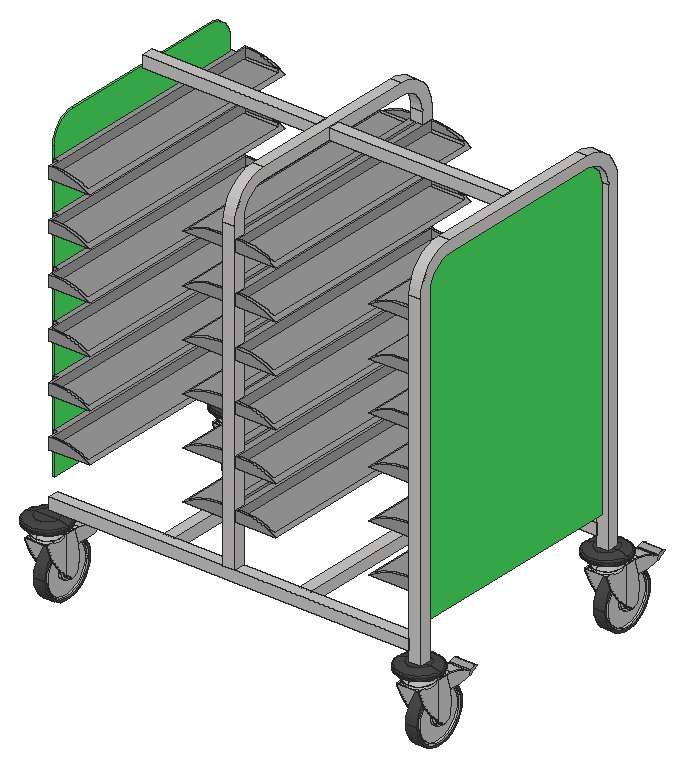
Revit family "QF_BOURGEAT_chariot_cafeteria_12plateaux_modele_bas_couleur", category Equipement spécialisé, Revit 2015
Parameters (values of type "chariot_modele_bas_glissieres_beiges_avec_panneaux_verts")
  panneaux_verts = yes
  panneaux_rouges = no
  panneaux_bleus = no
  URL catalogue = "http://www.bourgeat.fr"
  URL = ""
  Type article = ""
  Spécification du Fabricant = "CHARIOT CAFETERIA"
  Profondeur hors tout = 618 mm
  Poids net à vide = 23.50 kg
  Modèle = "782626"
  Longueur hors tout = 923 mm
  Hauteur hors tout = 994 mm
  Fabricant = "BOURGEAT"
  Contact SAV = "0033(0)4.76.32.14.44"
  Charge max = 60.00 kg
Types (5, lengths in mm): name | panneaux_verts | panneaux_rouges | panneaux_bleus | Poids net à vide | Modèle
  (no name) | yes | no | no | 23.50 kg | "782626"
  chariot_modele_bas_glissieres_beiges_sans_panneaux | no | no | no | 17.00 kg | "782426"
  chariot_modele_bas_glissieres_beiges_avec_panneaux_bleus | no | no | yes | 23.50 kg | "782526"
  chariot_modele_bas_glissieres_beiges_avec_panneaux_rouges | no | yes | no | 23.50 kg | "782726"
  chariot_modele_bas_glissieres_beiges_avec_panneaux_verts | yes | no | no | 23.50 kg | "782626"
Reference planes
  plane 1 "Centre (avant/arrière)": y = 0
  plane 2: z = 0
  plane 3 "Centre (gauche/droite)": x = 0
  plane 4: x = 426.5
  plane 5: x = -426.5
  plane 6: z = 227.8
  plane 7: z = 182
  plane 8: z = 202.8
  plane 9: x = -164.5
  plane 10: x = 164.5
  plane 11: y = 12.5
  plane 12: y = -12.5
  plane 13: z = 867.34
  plane 14: z = 759.34
  plane 15: z = 651.34
  plane 16: z = 543.34
  plane 17: z = 435.34
  plane 18: z = 327.34
  plane 19: x = -207
  plane 20: x = 207
  plane 21: x = -401.5
  plane 22: x = -12.5
  plane 23: x = 401.5
  plane 24: x = 12.5
  plane 25: z = 964.5
Forms (mm)
  Extrusion 1, solid, material "Acier inoxydable, brossé"
    sketch origin (0, 0, 0) x (0, 1, 0) y (0, 0, 1)
      loop
        line (-274, 228) -> (-274, 202.8) -> (-249, 202.8) -> (-249, 228) -> (-274, 228)
      loop
        line (249, 202.8) -> (274, 202.8) -> (274, 228) -> (249, 228) -> (249, 202.8)
    from -401.5 to 401.5
  Extrusion 2, solid, material "Acier inoxydable, brossé"
    sketch origin (0, 0, 0) x (1, 0, 0) y (0, 0, 1)
      loop
        line (-164.5, 227.8) -> (-164.5, 202.8) -> (-139.5, 202.8) -> (-139.5, 227.8) -> (-164.5, 227.8)
      loop
        line (164.5, 227.8) -> (139.5, 227.8) -> (139.5, 202.8) -> (164.5, 202.8) -> (164.5, 227.8)
    from -249 to 250
  Extrusion 3, solid, material "Acier inoxydable, brossé"
    sketch origin (0, 0, 0) x (1, 0, 0) y (0, 0, 1)
      loop
        line (-401.5, 995) -> (-401.5, 970) -> (-12.5, 970) -> (-12.5, 995) -> (-401.5, 995)
      loop
        line (401.5, 995) -> (12.5, 995) -> (12.5, 970) -> (401.5, 970) -> (401.5, 995)
    from -12.5 to 12.5
Dimensions and locks
  locked: plane 5 to plane 4 at 853
  plane 6 to plane 8 = 25 mm
  nested 2 to level = 995 mm
  equal spacing: group 1, group 2, group 3, group 4, group 5, group 6  (x2)
  equal spacing: group 6, group 5, group 4, group 3, group 2, group 1
  aligned and locked: level to plane 2
  aligned and locked: plane 5 to nested 1
  aligned and locked: nested 2 to plane 1 "Centre (avant/arrière)"
  aligned and locked: nested 1 to plane 1 "Centre (avant/arrière)"
  aligned and locked: nested 2 to nested 6
  aligned and locked: nested 6 to nested 2
  aligned and locked: plane 4 to nested 2
  aligned and locked: nested 1 to plane 5
  aligned and locked: nested 4 to nested 1  (x2)
  aligned and locked: nested 3 to nested 1
  aligned and locked: nested 5 to nested 2  (x2)
  aligned and locked: plane 3 "Centre (gauche/droite)" to nested 7
  aligned and locked: nested 7 to plane 1 "Centre (avant/arrière)"
  aligned and locked: Extrusion 1 sketch curve to nested 7  (x4)
  aligned and locked: plane 8 to Extrusion 1 sketch curve
  aligned and locked: Extrusion 1 sketch curve to nested 1
  aligned and locked: Extrusion 1 sketch curve to plane 8
  aligned and locked: nested 1 to Extrusion 1 sketch curve
  aligned and locked: Extrusion 1 to nested 2
  aligned and locked: Extrusion 1 to nested 1
  aligned and locked: plane 9 to Extrusion 2 sketch curve  (x2)
  aligned and locked: Extrusion 2 sketch curve to plane 6
  aligned and locked: plane 8 to Extrusion 2 sketch curve  (x3)
  aligned and locked: plane 10 to Extrusion 2 sketch curve  (x3)
  aligned and locked: plane 6 to Extrusion 2 sketch curve
  aligned and locked: Extrusion 2 sketch curve to plane 8
  aligned and locked: Extrusion 2 to Extrusion 1
  aligned and locked: Extrusion 3 sketch curve to nested 1
  aligned and locked: nested 1 to Extrusion 3 sketch curve
  aligned and locked: Extrusion 3 sketch curve to nested 7  (x3)
  aligned and locked: nested 2 to Extrusion 3 sketch curve
  aligned and locked: Extrusion 3 sketch curve to nested 2
  aligned and locked: nested 7 to Extrusion 3 sketch curve
  aligned and locked: plane 11 to Extrusion 3
  aligned and locked: plane 12 to Extrusion 3
  aligned and locked: nested 1 to plane 21
  aligned and locked: nested 10 to plane 1 "Centre (avant/arrière)"
  aligned and locked: nested 8 to plane 1 "Centre (avant/arrière)"
  aligned and locked: nested 12 to plane 1 "Centre (avant/arrière)"
  aligned and locked: nested 11 to plane 1 "Centre (avant/arrière)"
  aligned and locked: nested 9 to plane 1 "Centre (avant/arrière)"
  aligned and locked: nested 13 to plane 1 "Centre (avant/arrière)"
  aligned and locked: plane 25 to nested 8
  aligned and locked: plane 25 to nested 12
  aligned and locked: plane 25 to nested 11
  aligned and locked: plane 25 to nested 9
  aligned and locked: plane 25 to nested 13
  aligned and locked: plane 13 to nested 14
  aligned and locked: nested 15 to nested 14
  aligned and locked: nested 16 to nested 14
  aligned and locked: nested 17 to nested 14
  aligned and locked: nested 14 to nested 17
  aligned and locked: nested 18 to nested 14
  aligned and locked: nested 19 to nested 14
  aligned and locked: plane 21 to nested 14
  aligned and locked: nested 21 to nested 20
  aligned and locked: nested 22 to nested 20
  aligned and locked: nested 23 to nested 20
  aligned and locked: nested 20 to nested 23
  aligned and locked: nested 24 to nested 20
  aligned and locked: nested 25 to nested 20
  aligned and locked: nested 27 to nested 26
  aligned and locked: nested 28 to nested 26
  aligned and locked: nested 29 to nested 26
  aligned and locked: nested 26 to nested 29
  aligned and locked: nested 30 to nested 26
  aligned and locked: nested 31 to nested 26
  aligned and locked: nested 33 to nested 32
  aligned and locked: nested 34 to nested 32
  aligned and locked: nested 35 to nested 32
  aligned and locked: nested 32 to nested 35
  aligned and locked: nested 36 to nested 32
  aligned and locked: nested 37 to nested 32
  aligned and locked: nested 10 to nested 14
  aligned and locked: nested 11 to nested 26
  aligned and locked: nested 8 to nested 10
  aligned and locked: nested 12 to nested 10
  aligned and locked: nested 9 to nested 11
  aligned and locked: nested 13 to nested 11
Nested families
  nested 1: "montant_U" at (-414, 0, 182) x (0, 1, 0) z (0, 0, 1), type "montant_U", not visible
  nested 2: "montant_U" at (414, 0, 182) x (0, 1, 0) z (0, 0, 1), type "montant_U"
  nested 3: "ROULETTE_H182" at (-414, 261.5, 0), type "ROULETTE_H182"
    with Sans frein yes, Avec frein yes
  nested 4: "ROULETTE_H182" at (-414, -261.5, 0), type "ROULETTE_H182"
    with Sans frein yes, Avec frein yes
  nested 5: "ROULETTE_H182" at (414, -261.5, 0), type "ROULETTE_H182"
    with Sans frein yes, Avec frein yes
  nested 6: "ROULETTE_H182" at (414, 261.5, 0), type "ROULETTE_H182"
    with Sans frein yes, Avec frein yes
  nested 7: "montant_U_central" at (0, 0, 228) x (0, 1, 0) z (0, 0, 1), type "montant_U_central"
  nested 8: "panneaux_lateraux_rouge" at (-415.5, 0, 252.5) x (0, 1, 0) z (0, 0, 1), visible <- "panneaux_rouges", type "panneaux_lateraux_rouge"
  nested 9: "panneaux_lateraux_rouge" at (411.5, 0, 252.5) x (0, 1, 0) z (0, 0, 1), visible <- "panneaux_rouges", type "panneaux_lateraux_rouge"
  nested 10: "panneaux_lateraux_bleus" at (-415.5, 0, 252.5) x (0, 1, 0) z (0, 0, 1), visible <- "panneaux_bleus", type "panneaux_lateraux_bleus"
  nested 11: "panneaux_lateraux_bleus" at (411.5, 0, 252.5) x (0, 1, 0) z (0, 0, 1), visible <- "panneaux_bleus", type "panneaux_lateraux_bleus"
  nested 12: "panneaux_lateraux_vert" at (-415.5, 0, 252.5) x (0, 1, 0) z (0, 0, 1), visible <- "panneaux_verts", type "panneaux_lateraux_vert"
  nested 13: "panneaux_lateraux_vert" at (411.5, 0, 252.5) x (0, 1, 0) z (0, 0, 1), visible <- "panneaux_verts", type "panneaux_lateraux_vert"
  nested 14: "glissiere_polypropylene_beige" at (-411.5, 0, 862.34), type "glissiere_polypropylene_beige"
  nested 15: "glissiere_polypropylene_beige" at (-411.5, 0, 754.34), type "glissiere_polypropylene_beige"
  nested 16: "glissiere_polypropylene_beige" at (-411.5, 0, 646.34), type "glissiere_polypropylene_beige"
  nested 17: "glissiere_polypropylene_beige" at (-411.5, 0, 538.34), type "glissiere_polypropylene_beige"
  nested 18: "glissiere_polypropylene_beige" at (-411.5, 0, 430.34), type "glissiere_polypropylene_beige"
  nested 19: "glissiere_polypropylene_beige" at (-411.5, 0, 322.34), type "glissiere_polypropylene_beige"
  nested 20: "glissiere_polypropylene_beige" at (-2.5, 0, 862.34) x (-1, 0, 0) z (0, 0, 1), type "glissiere_polypropylene_beige"
  nested 21: "glissiere_polypropylene_beige" at (-2.5, 0, 754.34) x (-1, 0, 0) z (0, 0, 1), type "glissiere_polypropylene_beige"
  nested 22: "glissiere_polypropylene_beige" at (-2.5, 0, 646.34) x (-1, 0, 0) z (0, 0, 1), type "glissiere_polypropylene_beige"
  nested 23: "glissiere_polypropylene_beige" at (-2.5, 0, 538.34) x (-1, 0, 0) z (0, 0, 1), type "glissiere_polypropylene_beige"
  nested 24: "glissiere_polypropylene_beige" at (-2.5, 0, 430.34) x (-1, 0, 0) z (0, 0, 1), type "glissiere_polypropylene_beige"
  nested 25: "glissiere_polypropylene_beige" at (-2.5, 0, 322.34) x (-1, 0, 0) z (0, 0, 1), type "glissiere_polypropylene_beige"
  nested 26: "glissiere_polypropylene_beige" at (411.5, 0, 862.34) x (-1, 0, 0) z (0, 0, 1), type "glissiere_polypropylene_beige"
  nested 27: "glissiere_polypropylene_beige" at (411.5, 0, 754.34) x (-1, 0, 0) z (0, 0, 1), type "glissiere_polypropylene_beige"
  nested 28: "glissiere_polypropylene_beige" at (411.5, 0, 646.34) x (-1, 0, 0) z (0, 0, 1), type "glissiere_polypropylene_beige"
  nested 29: "glissiere_polypropylene_beige" at (411.5, 0, 538.34) x (-1, 0, 0) z (0, 0, 1), type "glissiere_polypropylene_beige"
  nested 30: "glissiere_polypropylene_beige" at (411.5, 0, 430.34) x (-1, 0, 0) z (0, 0, 1), type "glissiere_polypropylene_beige"
  nested 31: "glissiere_polypropylene_beige" at (411.5, 0, 322.34) x (-1, 0, 0) z (0, 0, 1), type "glissiere_polypropylene_beige"
  nested 32: "glissiere_polypropylene_beige" at (2.5, 0, 862.34), type "glissiere_polypropylene_beige"
  nested 33: "glissiere_polypropylene_beige" at (2.5, 0, 754.34), type "glissiere_polypropylene_beige"
  nested 34: "glissiere_polypropylene_beige" at (2.5, 0, 646.34), type "glissiere_polypropylene_beige"
  nested 35: "glissiere_polypropylene_beige" at (2.5, 0, 538.34), type "glissiere_polypropylene_beige"
  nested 36: "glissiere_polypropylene_beige" at (2.5, 0, 430.34), type "glissiere_polypropylene_beige"
  nested 37: "glissiere_polypropylene_beige" at (2.5, 0, 322.34), type "glissiere_polypropylene_beige"
Definition of nested family "montant_U"
  Reference planes
    plane 1 "Centre (avant/arrière)": y = 0
    plane 2: z = 0
    plane 3 "Centre (gauche/droite)": x = 0
    plane 4: x = -261.5
    plane 5: x = 261.5
    plane 6: z = 800.5
  Forms (mm)
    Sweep 1, solid
      path origin (0, 0, 0) x (1, 0, 0) y (0, 0, 1)
        loop
          line (-261.5, 0) -> (-261.5, 730.5)
          arc (-261.5, 730.5) -> (-240.997, 779.997) -> (-191.5, 800.5) r 70
          line (-191.5, 800.5) -> (191.5, 800.5)
          arc (191.5, 800.5) -> (240.997, 779.997) -> (261.5, 730.5) r 70
          line (261.5, 730.5) -> (261.5, 0)
      profile origin (-261.5, 0, 365.25) x (-1, 0, 0) y (0, -1, 0)
        loop
          line (-12.5, -12.5) -> (12.5, -12.5) -> (12.5, 12.5) -> (-12.5, 12.5) -> (-12.5, -12.5)
  Dimensions and locks
    equal spacing: plane 4, plane 3 "Centre (gauche/droite)", plane 5
    plane 6 to plane 2 = 800.5 mm
    aligned and locked: level to plane 2
    aligned and locked: Sweep 1 sketch curve to plane 4
    aligned and locked: Sweep 1 sketch curve to plane 6
    aligned and locked: Sweep 1 sketch curve to plane 5
  Automatic sketch dimensions
    Sweep 1 sketch curve to level = 0 mm  (x2)
    Sweep 1 sketch curve to plane 4 = 70 mm
    Sweep 1 sketch curve to Sweep 1 sketch curve = 70 mm
    Sweep 1 sketch curve to plane 1 "Centre (avant/arrière)" = 12.5 mm
    plane 1 "Centre (avant/arrière)" to Sweep 1 sketch curve = 12.5 mm
    profile plane to Sweep 1 sketch curve = 12.5 mm
    Sweep 1 sketch curve to profile plane = 12.5 mm
Definition of nested family "ROULETTE_H182"
  Parameters (values of type "ROULETTE_H182")
    Sans frein [instance] = yes
    Avec frein [instance] = yes
  Reference planes
    plane 1 "Centre (avant/arrière)": y = 0
    plane 2: z = 0
    plane 3 "Centre (gauche/droite)": x = 0
    plane 4: y = 40.851
    plane 5: z = 62.5
  Forms (mm)
    Extrusion 1, solid
      sketch origin (0, 0, 0) x (0, 1, 0) y (0, 0, 1)
        loop
          circle (40.851, 62.5) r 62.5
        loop
          circle (40.851, 62.5) r 57.5
      from -12.5 to 12.5
    Revolve 2, solid
      sketch origin (0, 0, 30.333) x (1, 0, 0) y (0, 0, 1)
        loop
          line (0, 151.667) -> (-25, 151.667) -> (-45.338, 146.217)
          arc (-45.338, 146.217) -> (-46.897, 145.175) -> (-47.5, 143.4) r 2.917
          line (-47.5, 143.4) -> (-47.5, 138.833)
          arc (-47.5, 138.833) -> (-47.012, 137.655) -> (-45.833, 137.167) r 1.667
          line (-45.833, 137.167) -> (-24.607, 137.167) -> (-24, 132.667) -> (0, 132.667) -> (0, 151.667)
        axis (0, 151.667) -> (0, 132.667)
      angle from 0 to 360
    Revolve 3, solid
      sketch origin (0, 0, 0) x (0, 1, 0) y (0, 0, 1)
        loop
          line (0, 163) -> (-20.149, 163) -> (-20.149, 159.41) -> (-21.6, 159.41)
          arc (-21.6, 159.41) -> (-24.448, 158.65) -> (-26.537, 156.572) r 5.712
          line (-26.537, 156.572) -> (-30.146, 147.743) -> (-26.999, 147.062) -> (-26.999, 146.112)
          arc (-26.999, 146.112) -> (-27.23, 145.314) -> (-27.849, 144.761) r 1.5
          arc (-27.849, 144.761) -> (-29.223, 143.633) -> (-29.923, 142) r 3.75
          line (-29.923, 142) -> (0, 142) -> (0, 163)
        axis (0, 163) -> (0, 142)
      angle from 0 to 360
    Extrusion 4, solid
      sketch origin (0, 0, 0) x (0, 1, 0) y (0, 0, -1)
        loop
          line (-29.974, -138.241) -> (-29.974, -142) -> (21.747, -142) -> (21.747, -60.336)
          arc (21.747, -60.336) -> (10.272, -70.702) -> (-0.149, -82.127) r 160.057
          arc (-0.149, -82.127) -> (-17.883, -108.684) -> (-29.974, -138.241) r 159.585
      from -24.913 to -23.038
    Extrusion 5, solid
      sketch origin (0, 0, 0) x (0, 1, 0) y (0, 0, 1)
        loop
          line (-29.974, 142) -> (-29.974, 140.869) -> (21.747, 140.869) -> (21.747, 142) -> (-29.974, 142)
      from -23.038 to 23.038
    Extrusion 6, solid
      sketch origin (0, 0, 0) x (0, 1, 0) y (0, 0, 1)
        loop
          circle (40.851, 62.5) r 57.5
        loop
          circle (40.851, 62.5) r 55
      from -12.5 to 12.5
    Extrusion 7, solid
      sketch origin (0, 0, 0) x (0, 1, 0) y (0, 0, 1)
        loop
          circle (40.851, 62.5) r 55
      from -7 to 7
    Extrusion 8, solid
      sketch origin (0, 0, 0) x (0, 1, 0) y (0, 0, 1)
        loop
          circle (40.851, 62.5) r 21
      from 7 to 15
    Extrusion 9, solid
      sketch origin (0, 0, 0) x (0, 1, 0) y (0, 0, -1)
        loop
          circle (40.851, -62.5) r 16
      from -23.038 to -15
    Extrusion 10, solid, visible <- "Sans frein"
      sketch origin (0, 0, 0) x (0, 1, 0) y (0, 0, 1)
        loop
          arc (21.747, 60.336) -> (23.188, 59.17) -> (24.642, 58.02) r 161.23
          arc (24.642, 58.02) -> (29.34, 54.513) -> (34.187, 51.216) r 133.333
          arc (34.187, 51.216) -> (46.517, 50.3) -> (53.927, 60.198) r 12.867
          arc (53.927, 60.198) -> (54.714, 99.183) -> (46.119, 137.216) r 161.222
          arc (46.119, 137.216) -> (45.679, 138.887) -> (45.531, 140.609) r 10.076
          line (45.531, 140.609) -> (45.531, 142) -> (21.747, 142) -> (21.747, 60.336)
      from 23.038 to 24.913
    Extrusion 11, solid, visible <- "Sans frein"
      sketch origin (0, 0, 0) x (0, 1, 0) y (0, 0, 1)
        loop
          line (21.747, 142) -> (21.747, 140.701) -> (48.851, 140.701) -> (48.851, 142) -> (21.747, 142)
      from -23.038 to 23.038
    Extrusion 12, solid, visible <- "Avec frein"
      sketch origin (0, 0, 0) x (0, 1, 0) y (0, 0, 1)
        loop
          line (21.747, 142) -> (21.747, 60.336)
          arc (21.747, 60.336) -> (23.177, 59.179) -> (24.62, 58.038) r 160.008
          arc (24.62, 58.038) -> (29.041, 54.705) -> (33.574, 51.527) r 160
          arc (33.574, 51.527) -> (46.135, 50.422) -> (53.724, 60.491) r 13
          arc (53.724, 60.491) -> (55.279, 82.092) -> (53.902, 103.704) r 160
          arc (53.902, 103.704) -> (55.53, 108.653) -> (60.415, 110.463) r 6
          arc (60.415, 110.463) -> (80.625, 109.924) -> (100.725, 112.107) r 150
          arc (100.725, 112.107) -> (104.408, 113.406) -> (107.479, 115.819) r 12
          line (107.479, 115.819) -> (110.851, 121.523)
          arc (110.851, 121.523) -> (85.913, 134.651) -> (58.706, 142) r 127.902
          line (58.706, 142) -> (21.747, 142)
      from 23.038 to 24.913
    Extrusion 13, solid, visible <- "Avec frein"
      sketch origin (0, 0, 0) x (0, 1, 0) y (0, 0, 1)
        loop
          line (58.706, 142) -> (21.747, 142) -> (21.747, 140) -> (58.552, 140)
          arc (58.552, 140) -> (85.253, 132.762) -> (109.73, 119.866) r 125.902
          line (109.73, 119.866) -> (110.851, 121.523)
          arc (110.851, 121.523) -> (85.913, 134.651) -> (58.706, 142) r 127.902
      from -23.038 to 23.038
    Extrusion 14, solid, visible <- "Avec frein"
      sketch origin (0, 19.896, 18.175) x (0, 1, 0) y (0, 0, 1)
        loop
          line (87.583, 97.644) -> (91.829, 95.227)
          arc (91.829, 95.227) -> (93.8, 95.006) -> (95.312, 96.29) r 2.5
          arc (95.312, 96.29) -> (103.495, 100.002) -> (111.176, 104.666) r 74.999
          line (111.176, 104.666) -> (110.852, 105.929)
          arc (110.852, 105.929) -> (110.04, 107.086) -> (108.666, 107.417) r 2
          arc (108.666, 107.417) -> (101.396, 105.849) -> (94.512, 103.034) r 42.354
          line (94.512, 103.034) -> (93.479, 101.228) -> (93.285, 100.414) -> (91.69, 101.675) -> (90.401, 102.412) -> (87.583, 97.644)
      from -23.038 to 23.038
    Extrusion 15, solid, not visible
      sketch origin (0, 0, 0) x (0, 1, 0) y (0, 0, -1)
        loop
          line (-29.974, -138.241) -> (-29.974, -142) -> (21.747, -142) -> (21.747, -60.336)
          arc (21.747, -60.336) -> (10.272, -70.702) -> (-0.149, -82.127) r 160.057
          arc (-0.149, -82.127) -> (-17.883, -108.684) -> (-29.974, -138.241) r 159.585
      from -24.913 to -23.038
    Extrusion 16, solid, not visible
      sketch origin (0, 0, 0) x (0, 1, 0) y (0, 0, 1)
        loop
          circle (40.851, 62.5) r 21
      from 7 to 15
    Extrusion 17, solid, not visible
      sketch origin (0, 0, 0) x (0, 1, 0) y (0, 0, -1)
        loop
          circle (40.851, -62.5) r 16
      from -23.038 to -15
    Extrusion 18, solid, visible <- "Sans frein", not visible
      sketch origin (0, 0, 0) x (0, 1, 0) y (0, 0, 1)
        loop
          arc (21.747, 60.336) -> (23.188, 59.17) -> (24.642, 58.02) r 161.23
          arc (24.642, 58.02) -> (29.34, 54.513) -> (34.187, 51.216) r 133.333
          arc (34.187, 51.216) -> (46.517, 50.3) -> (53.927, 60.198) r 12.867
          arc (53.927, 60.198) -> (54.714, 99.183) -> (46.119, 137.216) r 161.222
          arc (46.119, 137.216) -> (45.679, 138.887) -> (45.531, 140.609) r 10.076
          line (45.531, 140.609) -> (45.531, 142) -> (21.747, 142) -> (21.747, 60.336)
      from 23.038 to 24.913
    Extrusion 19, solid, visible <- "Avec frein", not visible
      sketch origin (0, 0, 0) x (0, 1, 0) y (0, 0, 1)
        loop
          line (21.747, 142) -> (21.747, 60.336)
          arc (21.747, 60.336) -> (23.177, 59.179) -> (24.62, 58.038) r 160.008
          arc (24.62, 58.038) -> (29.041, 54.705) -> (33.574, 51.527) r 160
          arc (33.574, 51.527) -> (46.135, 50.422) -> (53.724, 60.491) r 13
          arc (53.724, 60.491) -> (55.279, 82.092) -> (53.902, 103.704) r 160
          arc (53.902, 103.704) -> (55.53, 108.653) -> (60.415, 110.463) r 6
          arc (60.415, 110.463) -> (80.625, 109.924) -> (100.725, 112.107) r 150
          arc (100.725, 112.107) -> (104.408, 113.406) -> (107.479, 115.819) r 12
          line (107.479, 115.819) -> (110.851, 121.523)
          arc (110.851, 121.523) -> (85.913, 134.651) -> (58.706, 142) r 127.902
          line (58.706, 142) -> (21.747, 142)
      from 23.038 to 24.913
    Extrusion 20, solid
      sketch origin (0, 0, 0) x (0, -1, 0) y (0, 0, -1)
        loop
          arc (29.974, -138.241) -> (17.883, -108.684) -> (0.149, -82.127) r 159.585
          arc (0.149, -82.127) -> (-10.272, -70.702) -> (-21.747, -60.336) r 160.057
          line (-21.747, -60.336) -> (-21.747, -142) -> (29.974, -142) -> (29.974, -138.241)
      from -24.913 to -23.038
    Extrusion 21, solid
      sketch origin (0, 0, 0) x (0, -1, 0) y (0, 0, 1)
        loop
          circle (-40.851, 62.5) r 21
      from 7 to 15
    Extrusion 22, solid
      sketch origin (0, 0, 0) x (0, -1, 0) y (0, 0, -1)
        loop
          circle (-40.851, -62.5) r 16
      from -23.038 to -15
    Extrusion 23, solid, visible <- "Sans frein"
      sketch origin (0, 0, 0) x (0, -1, 0) y (0, 0, 1)
        loop
          line (-21.747, 60.336) -> (-21.747, 142) -> (-45.531, 142) -> (-45.531, 140.609)
          arc (-45.531, 140.609) -> (-45.679, 138.887) -> (-46.119, 137.216) r 10.076
          arc (-46.119, 137.216) -> (-54.714, 99.183) -> (-53.927, 60.198) r 161.222
          arc (-53.927, 60.198) -> (-46.517, 50.3) -> (-34.187, 51.216) r 12.867
          arc (-34.187, 51.216) -> (-29.34, 54.513) -> (-24.642, 58.02) r 133.333
          arc (-24.642, 58.02) -> (-23.188, 59.17) -> (-21.747, 60.336) r 161.23
      from 23.038 to 24.913
    Extrusion 24, solid, visible <- "Avec frein"
      sketch origin (0, 0, 0) x (0, -1, 0) y (0, 0, 1)
        loop
          line (-21.747, 142) -> (-58.706, 142)
          arc (-58.706, 142) -> (-85.913, 134.651) -> (-110.851, 121.523) r 127.902
          line (-110.851, 121.523) -> (-107.479, 115.819)
          arc (-107.479, 115.819) -> (-104.408, 113.406) -> (-100.725, 112.107) r 12
          arc (-100.725, 112.107) -> (-80.625, 109.924) -> (-60.415, 110.463) r 150
          arc (-60.415, 110.463) -> (-55.53, 108.653) -> (-53.902, 103.704) r 6
          arc (-53.902, 103.704) -> (-55.279, 82.092) -> (-53.724, 60.491) r 160
          arc (-53.724, 60.491) -> (-46.135, 50.422) -> (-33.574, 51.527) r 13
          arc (-33.574, 51.527) -> (-29.041, 54.705) -> (-24.62, 58.038) r 160
          arc (-24.62, 58.038) -> (-23.177, 59.179) -> (-21.747, 60.336) r 160.008
          line (-21.747, 60.336) -> (-21.747, 142)
      from 23.038 to 24.913
  Dimensions and locks
    aligned and locked: level to plane 2
Definition of nested family "montant_U_central"
  Reference planes
    plane 1 "Centre (avant/arrière)": y = 0
    plane 2: z = 0
    plane 3 "Centre (gauche/droite)": x = 0
    plane 4: x = -261.5
    plane 5: x = 261.5
    plane 6: z = 754.5
  Forms (mm)
    Sweep 1, solid
      path origin (0, 0, 0) x (1, 0, 0) y (0, 0, 1)
        loop
          line (-261.5, 0) -> (-261.5, 684.5)
          arc (-261.5, 684.5) -> (-240.997, 733.997) -> (-191.5, 754.5) r 70
          line (-191.5, 754.5) -> (191.5, 754.5)
          arc (191.5, 754.5) -> (240.997, 733.997) -> (261.5, 684.5) r 70
          line (261.5, 684.5) -> (261.5, 0)
      profile origin (-261.5, 0, 342.25) x (-1, 0, 0) y (0, -1, 0)
        loop
          line (-12.5, -12.5) -> (12.5, -12.5) -> (12.5, 12.5) -> (-12.5, 12.5) -> (-12.5, -12.5)
  Dimensions and locks
    equal spacing: plane 4, plane 3 "Centre (gauche/droite)", plane 5
    plane 6 to plane 2 = 754.5 mm
    aligned and locked: level to plane 2
    aligned and locked: Sweep 1 sketch curve to plane 4
    aligned and locked: Sweep 1 sketch curve to plane 6
    aligned and locked: Sweep 1 sketch curve to plane 5
  Automatic sketch dimensions
    Sweep 1 sketch curve to level = 0 mm  (x2)
    Sweep 1 sketch curve to plane 4 = 70 mm
    Sweep 1 sketch curve to Sweep 1 sketch curve = 70 mm
    Sweep 1 sketch curve to plane 1 "Centre (avant/arrière)" = 12.5 mm
    plane 1 "Centre (avant/arrière)" to Sweep 1 sketch curve = 12.5 mm
    profile plane to Sweep 1 sketch curve = 12.5 mm
    Sweep 1 sketch curve to profile plane = 12.5 mm
Definition of nested family "panneaux_lateraux_rouge"
  Reference planes
    plane 1 "Centre (avant/arrière)": y = 0
    plane 2: z = 0
    plane 3 "Centre (gauche/droite)": x = 0
    plane 4: x = -244
    plane 5: x = 244
    plane 6: z = 712
    plane 7: y = -4
  Forms (mm)
    Extrusion 1, solid
      sketch origin (0, 0, 0) x (1, 0, 0) y (0, 0, 1)
        loop
          arc (-191.5, 712) -> (-228.623, 696.623) -> (-244, 659.5) r 52.5
          line (-244, 659.5) -> (-244, 0) -> (244, 0) -> (244, 659.5)
          arc (244, 659.5) -> (228.623, 696.623) -> (191.5, 712) r 52.5
          line (191.5, 712) -> (-191.5, 712)
      from 0 to 4
  Dimensions and locks
    plane 6 to plane 2 = 712 mm
    plane 4 to plane 3 "Centre (gauche/droite)" = 244 mm
    plane 5 to plane 3 "Centre (gauche/droite)" = 244 mm
    aligned and locked: level to plane 2
    aligned and locked: Extrusion 1 sketch curve to plane 6
    aligned and locked: Extrusion 1 sketch curve to plane 4
    aligned and locked: plane 2 to Extrusion 1 sketch curve
    aligned and locked: Extrusion 1 sketch curve to plane 5
    aligned and locked: Extrusion 1 to plane 7
Definition of nested family "panneaux_lateraux_bleus"
  Reference planes
    plane 1 "Centre (avant/arrière)": y = 0
    plane 2: z = 0
    plane 3 "Centre (gauche/droite)": x = 0
    plane 4: x = -244
    plane 5: x = 244
    plane 6: z = 712
    plane 7: y = -4
  Forms (mm)
    Extrusion 1, solid
      sketch origin (0, 0, 0) x (1, 0, 0) y (0, 0, 1)
        loop
          arc (-191.5, 712) -> (-228.623, 696.623) -> (-244, 659.5) r 52.5
          line (-244, 659.5) -> (-244, 0) -> (244, 0) -> (244, 659.5)
          arc (244, 659.5) -> (228.623, 696.623) -> (191.5, 712) r 52.5
          line (191.5, 712) -> (-191.5, 712)
      from 0 to 4
  Dimensions and locks
    plane 4 to plane 3 "Centre (gauche/droite)" = 244 mm
    plane 5 to plane 3 "Centre (gauche/droite)" = 244 mm
    plane 6 to plane 2 = 712 mm
    aligned and locked: level to plane 2
    aligned and locked: Extrusion 1 sketch curve to plane 6
    aligned and locked: Extrusion 1 sketch curve to plane 4
    aligned and locked: plane 2 to Extrusion 1 sketch curve
    aligned and locked: Extrusion 1 sketch curve to plane 5
    aligned and locked: Extrusion 1 to plane 7
Definition of nested family "panneaux_lateraux_vert"
  Reference planes
    plane 1 "Centre (avant/arrière)": y = 0
    plane 2: z = 0
    plane 3 "Centre (gauche/droite)": x = 0
    plane 4: x = -244
    plane 5: x = 244
    plane 6: z = 712
    plane 7: y = -4
  Forms (mm)
    Extrusion 1, solid
      sketch origin (0, 0, 0) x (1, 0, 0) y (0, 0, 1)
        loop
          arc (-191.5, 712) -> (-228.623, 696.623) -> (-244, 659.5) r 52.5
          line (-244, 659.5) -> (-244, 0) -> (244, 0) -> (244, 659.5)
          arc (244, 659.5) -> (228.623, 696.623) -> (191.5, 712) r 52.5
          line (191.5, 712) -> (-191.5, 712)
      from 0 to 4
  Dimensions and locks
    plane 6 to plane 2 = 712 mm
    plane 4 to plane 3 "Centre (gauche/droite)" to plane 5 = 244 mm, 244 mm
    aligned and locked: level to plane 2
    aligned and locked: Extrusion 1 sketch curve to plane 6
    aligned and locked: Extrusion 1 sketch curve to plane 4
    aligned and locked: plane 2 to Extrusion 1 sketch curve
    aligned and locked: Extrusion 1 sketch curve to plane 5
    aligned and locked: Extrusion 1 to plane 7
Definition of nested family "glissiere_polypropylene_beige"
  Reference planes
    plane 1 "Centre (avant/arrière)": y = 0
    plane 2: z = 0
    plane 3 "Centre (gauche/droite)": x = 0
    plane 4: z = 25
    plane 5: x = 100
    plane 6: x = 22
    plane 7: y = 272.5
    plane 8: y = -272.5
    plane 9: x = 15
    plane 10: y = -267.5
    plane 11: z = 5
    plane 12: y = 267.5
    plane 13: y = 247.7
    plane 14: y = -247.7
    plane 15: x = 10
  Forms (mm)
    Extrusion 1, solid
      sketch origin (0, 0, 0) x (1, 0, 0) y (0, 0, 1)
        loop
          line (0, 25) -> (0, 0) -> (100, 0)
          arc (100, 0) -> (62.954, 18.597) -> (22, 25) r 134.18
          line (22, 25) -> (0, 25)
      from -272.5 to 272.5
    Extrusion 2, void
      sketch origin (0, 0, 0) x (0, 1, 0) y (0, 0, 1)
        loop
          line (-264, 5) -> (264, 5)
          arc (264, 5) -> (266.475, 6.025) -> (267.5, 8.5) r 3.5
          line (267.5, 8.5) -> (267.5, 43.902) -> (-267.5, 43.902) -> (-267.5, 8.5)
          arc (-267.5, 8.5) -> (-266.475, 6.025) -> (-264, 5) r 3.5
      from 15 to 250
    Extrusion 3, void
      sketch origin (0, 0, 0) x (1, 0, 0) y (0, 1, 0)
        loop
          line (10, 247.7) -> (10, 289.852) -> (-26.988, 289.852) -> (-26.988, 247.7) -> (10, 247.7)
        loop
          line (10, -247.7) -> (-17.716, -247.7) -> (-17.716, -285.125) -> (10, -285.125) -> (10, -247.7)
      from -29.595 to 250
  Cuts and joins
    Extrusion 2, Extrusion 3 cuts Extrusion 1
  Dimensions and locks
    aligned and locked: level to plane 2
    aligned and locked: Extrusion 1 sketch curve to plane 3 "Centre (gauche/droite)"
    aligned and locked: Extrusion 1 sketch curve to plane 2
    aligned and locked: Extrusion 1 sketch curve to plane 4
    aligned and locked: plane 7 to Extrusion 1
    aligned and locked: plane 8 to Extrusion 1
    aligned and locked: Extrusion 2 sketch curve to plane 11
    aligned and locked: Extrusion 2 sketch curve to plane 10
    aligned and locked: plane 12 to Extrusion 2 sketch curve
    aligned and locked: Extrusion 2 to plane 9
    aligned and locked: plane 13 to Extrusion 3 sketch curve
    aligned and locked: plane 15 to Extrusion 3 sketch curve
    aligned and locked: plane 14 to Extrusion 3 sketch curve
    aligned and locked: Extrusion 3 sketch curve to plane 15
